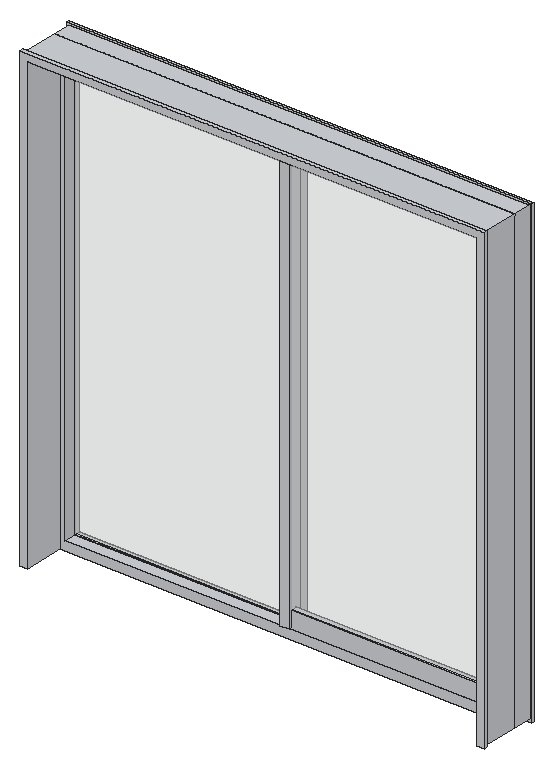
Revit family "APL Residential Thermal Heart Sliding Door SF", category Doors, host Wall, Revit 2017 (continued)
Definition of nested family "APL Residential Thermal Heart Sliding Door SF Horizontal Section"
  Definition of nested family "Jamb Stile"
    Definition of nested family "65400_Frame Head"
      Lines and regions (mm)
        detail lines, in view "Ref. Level"
          curve 322: arc (84.479, -6.5, 0) -> (84.398, -6.489, 0) -> (84.323, -6.456, 0) r 0.3
          curve 323: arc (83.069, -5.691, 0) -> (83.063, -5.498, 0) -> (82.92, -5.367, 0) r 0.25
          curve 324: arc (82.92, -5.367, 0) -> (82.65, -5.321, 0) -> (82.5, -5.55, 0) r 0.25
          curve 325: arc (82.5, -7.126, 0) -> (82.582, -7.523, 0) -> (82.815, -7.854, 0) r 1
          curve 326: arc (82.815, -7.854, 0) -> (82.878, -8, 0) -> (82.815, -8.146, 0) r 0.2
          curve 327: arc (82.815, -8.146, 0) -> (82.582, -8.477, 0) -> (82.5, -8.874, 0) r 1
          curve 328: arc (82.5, -10.45, 0) -> (82.628, -10.668, 0) -> (82.88, -10.663, 0) r 0.25
          curve 329: arc (82.966, -10.611, 0) -> (83.072, -10.479, 0) -> (83.069, -10.309, 0) r 0.25
          curve 330: arc (84.323, -9.544, 0) -> (84.398, -9.511, 0) -> (84.479, -9.5, 0) r 0.3
          curve 331: arc (85, -9.5, 0) -> (85.158, -9.577, 0) -> (85.194, -9.75, 0) r 0.2
          curve 332: arc (85, -13.753, 0) -> (85.026, -13.875, 0) -> (85.1, -13.976, 0) r 0.3
          curve 333: arc (85.1, -13.976, 0) -> (85.164, -14.343, 0) -> (84.822, -14.49, 0) r 0.3
          curve 334: arc (82.679, -13.957, 0) -> (82.59, -13.905, 0) -> (82.538, -13.816, 0) r 0.2
          curve 335: arc (82.493, -13.648, 0) -> (82.352, -13.507, 0) -> (82.159, -13.559, 0) r 0.2
          curve 336: arc (81.795, -13.922, 0) -> (81.735, -14.008, 0) -> (81.708, -14.108, 0) r 0.3
          curve 337: arc (81.501, -16.474, 0) -> (81.617, -16.738, 0) -> (81.903, -16.782, 0) r 0.3
          curve 338: arc (83.313, -16.268, 0) -> (83.439, -16.181, 0) -> (83.505, -16.043, 0) r 0.3
          curve 339: arc (83.505, -16.043, 0) -> (83.778, -15.801, 0) -> (84.083, -16, 0) r 0.3
          curve 340: arc (86.7, -16, 0) -> (86.841, -15.941, 0) -> (86.9, -15.8, 0) r 0.2
          curve 341: arc (86.9, -12.7, 0) -> (86.959, -12.559, 0) -> (87.1, -12.5, 0) r 0.2
          curve 342: arc (89.2, -12.5, 0) -> (89.341, -12.559, 0) -> (89.4, -12.7, 0) r 0.2
          curve 343: arc (89.4, -13.8, 0) -> (89.459, -13.941, 0) -> (89.6, -14, 0) r 0.2
          curve 344: arc (101.9, -14, 0) -> (102.042, -13.941, 0) -> (102.1, -13.8, 0) r 0.2
          curve 345: arc (102.1, -12.9, 0) -> (102.159, -12.759, 0) -> (102.3, -12.7, 0) r 0.2
          curve 346: arc (109.1, -12.7, 0) -> (109.454, -12.846, 0) -> (109.6, -13.2, 0) r 0.5
          curve 347: arc (109.6, -14.5, 0) -> (109.541, -14.641, 0) -> (109.4, -14.7, 0) r 0.2
          curve 348: arc (107.3, -14.7, 0) -> (107.159, -14.759, 0) -> (107.1, -14.9, 0) r 0.2
          curve 349: arc (107.1, -15.8, 0) -> (107.159, -15.941, 0) -> (107.3, -16, 0) r 0.2
          curve 350: arc (109.5, -16, 0) -> (109.854, -16.146, 0) -> (110, -16.5, 0) r 0.5
          curve 351: arc (110, -22.8, 0) -> (110.146, -23.154, 0) -> (110.5, -23.3, 0) r 0.5
          curve 352: arc (111.3, -23.3, 0) -> (111.441, -23.241, 0) -> (111.5, -23.1, 0) r 0.2
          curve 353: arc (113.3, -22.3, 0) -> (113.441, -22.359, 0) -> (113.5, -22.5, 0) r 0.2
          curve 354: arc (113.5, -27.4, 0) -> (113.1, -27.8, 0) -> (113.5, -28.2, 0) r 0.4
          curve 355: arc (113.5, -33.1, 0) -> (113.441, -33.241, 0) -> (113.3, -33.3, 0) r 0.2
          curve 356: arc (111.5, -32.7, 0) -> (111.383, -32.417, 0) -> (111.1, -32.3, 0) r 0.4
          curve 357: arc (111, -32.3, 0) -> (110.646, -32.447, 0) -> (110.5, -32.8, 0) r 0.5
          curve 358: arc (110.5, -35.35, 0) -> (111, -35.85, 0) -> (111.5, -35.35, 0) r 0.5
          curve 359: arc (111.5, -34.5, 0) -> (111.559, -34.359, 0) -> (111.7, -34.3, 0) r 0.2
          curve 360: arc (113.3, -34.3, 0) -> (113.441, -34.359, 0) -> (113.5, -34.5, 0) r 0.2
          curve 361: line (113.3, -36.05, 0) -> (113.3, -40.25, 0)
          curve 362: line (113.5, -40.596, 0) -> (113.5, -41.8, 0)
          curve 363: line (113.3, -42, 0) -> (111.701, -42, 0)
          curve 364: line (111.5, -41.8, 0) -> (111.5, -40.95, 0)
          curve 365: line (110.5, -40.95, 0) -> (110.5, -42.5, 0)
          curve 366: line (111, -43, 0) -> (114.5, -43, 0)
          curve 367: line (115, -42.5, 0) -> (115, -21.5, 0)
          curve 368: line (114.5, -21, 0) -> (111.7, -21, 0)
          curve 369: line (111.5, -20.8, 0) -> (111.5, -13.199, 0)
          curve 370: line (109.293, -7.1, 0) -> (109.5, -7.1, 0)
          curve 371: line (111.5, -5.1, 0) -> (111.5, -1.5, 0)
          curve 372: line (111.5, -1.5, 0) -> (120.75, -1.5, 0)
          curve 373: line (120.745, 0, 0) -> (119, 0, 0)
          curve 374: line (119, 0, 0) -> (118.6, -0.4, 0)
          curve 375: line (118.6, -0.4, 0) -> (112.3, -0.4, 0)
          curve 376: line (112.3, -0.4, 0) -> (111.9, 0, 0)
          curve 377: line (111.9, 0, 0) -> (111.5, 0, 0)
          curve 378: line (110, -1.5, 0) -> (110, -5, 0)
          curve 379: line (109.8, -5.2, 0) -> (100.5, -5.2, 0)
          curve 380: line (100, -5.7, 0) -> (100, -6.2, 0)
          curve 381: line (100.5, -6.7, 0) -> (101.927, -6.7, 0)
          curve 382: line (100.048, -12.1, 0) -> (91.556, -12.1, 0)
          curve 383: line (89.2, -10.6, 0) -> (87.9, -10.6, 0)
          curve 384: line (86.9, -9.6, 0) -> (86.9, -0.5, 0)
          curve 385: line (86.4, 0, 0) -> (84.083, 0, 0)
          curve 386: line (83.313, 0.268, 0) -> (81.903, 0.782, 0)
          curve 387: line (81.501, 0.474, 0) -> (81.708, -1.892, 0)
          curve 388: line (81.795, -2.078, 0) -> (82.159, -2.441, 0)
          curve 389: line (82.493, -2.352, 0) -> (82.538, -2.184, 0)
          curve 390: line (82.679, -2.043, 0) -> (84.812, -1.472, 0)
          curve 391: line (85, -2.247, 0) -> (85, -5.475, 0)
          curve 392: line (85, -5.5, 0) -> (85.194, -6.25, 0)
          curve 393: line (85, -6.5, 0) -> (84.479, -6.5, 0)
          curve 394: line (84.323, -6.456, 0) -> (83.069, -5.691, 0)
          curve 395: line (82.5, -5.55, 0) -> (82.5, -7.126, 0)
          curve 396: line (82.5, -8.874, 0) -> (82.5, -10.45, 0)
          curve 397: line (83.069, -10.309, 0) -> (84.323, -9.544, 0)
          curve 398: line (84.479, -9.5, 0) -> (85, -9.5, 0)
          curve 399: line (85.194, -9.75, 0) -> (85, -10.5, 0)
          curve 400: line (85, -10.525, 0) -> (85, -13.752, 0)
          curve 401: line (84.812, -14.528, 0) -> (82.679, -13.957, 0)
          curve 402: line (82.538, -13.816, 0) -> (82.493, -13.648, 0)
          curve 403: line (82.159, -13.559, 0) -> (81.795, -13.922, 0)
          curve 404: line (81.708, -14.108, 0) -> (81.501, -16.474, 0)
          curve 405: line (81.903, -16.782, 0) -> (83.313, -16.268, 0)
          curve 406: line (84.083, -16, 0) -> (86.7, -16, 0)
          curve 407: line (86.9, -15.8, 0) -> (86.9, -12.7, 0)
          curve 408: line (87.1, -12.5, 0) -> (89.2, -12.5, 0)
          curve 409: line (89.4, -12.7, 0) -> (89.4, -13.8, 0)
          curve 410: line (89.6, -14, 0) -> (95.4, -14, 0)
          curve 411: line (95.4, -14, 0) -> (95.8, -13.6, 0)
          curve 412: line (95.8, -13.6, 0) -> (96.2, -14, 0)
          curve 413: line (96.2, -14, 0) -> (101.9, -14, 0)
          curve 414: line (102.1, -13.8, 0) -> (102.1, -12.9, 0)
          curve 415: line (102.3, -12.7, 0) -> (109.1, -12.7, 0)
          curve 416: line (109.6, -13.2, 0) -> (109.6, -14.5, 0)
          curve 417: line (109.4, -14.7, 0) -> (107.3, -14.7, 0)
          curve 418: line (107.1, -14.9, 0) -> (107.1, -15.8, 0)
          curve 419: line (107.3, -16, 0) -> (109.5, -16, 0)
          curve 420: line (110, -16.5, 0) -> (110, -22.8, 0)
          curve 421: line (110.5, -23.3, 0) -> (111.3, -23.3, 0)
          curve 422: line (111.5, -23.1, 0) -> (111.5, -22.3, 0)
          curve 423: line (111.5, -22.3, 0) -> (113.3, -22.3, 0)
          curve 424: line (113.5, -22.5, 0) -> (113.5, -27.4, 0)
          curve 425: line (113.5, -28.2, 0) -> (113.5, -33.1, 0)
          curve 426: line (113.3, -33.3, 0) -> (111.5, -33.3, 0)
          curve 427: line (111.5, -33.3, 0) -> (111.5, -32.7, 0)
          curve 428: line (110.5, -32.8, 0) -> (110.5, -35.35, 0)
          curve 429: line (111.5, -35.35, 0) -> (111.5, -34.5, 0)
          curve 430: line (111.7, -34.3, 0) -> (113.3, -34.3, 0)
          curve 431: line (113.5, -34.5, 0) -> (113.5, -35.704, 0)
          curve 432: arc (113.5, -35.704, 0) -> (113.473, -35.804, 0) -> (113.4, -35.877, 0) r 0.2
          curve 433: arc (12.7, -18.4, 0) -> (12.817, -18.117, 0) -> (13.1, -18, 0) r 0.4
          curve 434: arc (13.393, -18, 0) -> (13.496, -18.014, 0) -> (13.593, -18.054, 0) r 0.4
          curve 435: arc (15.121, -18.939, 0) -> (15.411, -19.059, 0) -> (15.722, -19.1, 0) r 1.2
          curve 436: arc (16.645, -19.1, 0) -> (17.218, -19.281, 0) -> (17.584, -19.758, 0) r 1
          curve 437: arc (18.377, -21.937, 0) -> (18.524, -22.128, 0) -> (18.753, -22.2, 0) r 0.4
          curve 438: arc (21.447, -22.2, 0) -> (21.676, -22.128, 0) -> (21.823, -21.937, 0) r 0.4
          curve 439: arc (22.616, -19.758, 0) -> (22.982, -19.281, 0) -> (23.555, -19.1, 0) r 1
          curve 440: arc (24.478, -19.1, 0) -> (24.789, -19.059, 0) -> (25.079, -18.939, 0) r 1.2
          curve 441: arc (26.607, -18.054, 0) -> (26.704, -18.014, 0) -> (26.807, -18, 0) r 0.4
          curve 442: arc (27.1, -18, 0) -> (27.383, -18.117, 0) -> (27.5, -18.4, 0) r 0.4
          curve 443: arc (27.5, -21.8, 0) -> (27.383, -22.083, 0) -> (27.1, -22.2, 0) r 0.4
          curve 444: arc (26.807, -22.2, 0) -> (26.704, -22.186, 0) -> (26.607, -22.146, 0) r 0.4
          curve 445: arc (25.079, -21.261, 0) -> (24.785, -21.14, 0) -> (24.47, -21.1, 0) r 1.2
          curve 446: arc (24.47, -21.1, 0) -> (24.295, -21.153, 0) -> (24.184, -21.297, 0) r 0.3
          curve 447: arc (23.296, -23.737, 0) -> (23.149, -23.928, 0) -> (22.92, -24, 0) r 0.4
          curve 448: arc (17.28, -24, 0) -> (17.051, -23.928, 0) -> (16.904, -23.737, 0) r 0.4
          curve 449: arc (16.016, -21.297, 0) -> (15.905, -21.153, 0) -> (15.73, -21.1, 0) r 0.3
          curve 450: arc (15.73, -21.1, 0) -> (15.415, -21.14, 0) -> (15.121, -21.261, 0) r 1.2
          curve 451: arc (13.593, -22.146, 0) -> (13.496, -22.186, 0) -> (13.393, -22.2, 0) r 0.4
          curve 452: arc (13.1, -22.2, 0) -> (12.817, -22.083, 0) -> (12.7, -21.8, 0) r 0.4
          curve 453: line (13.1, -18, 0) -> (13.393, -18, 0)
          curve 454: line (13.593, -18.054, 0) -> (15.121, -18.939, 0)
          curve 455: line (15.722, -19.1, 0) -> (16.645, -19.1, 0)
          curve 456: line (17.584, -19.758, 0) -> (18.377, -21.937, 0)
          curve 457: line (18.753, -22.2, 0) -> (21.447, -22.2, 0)
          curve 458: line (21.823, -21.937, 0) -> (22.616, -19.758, 0)
          curve 459: line (23.555, -19.1, 0) -> (24.478, -19.1, 0)
          curve 460: line (25.079, -18.939, 0) -> (26.607, -18.054, 0)
          curve 461: line (26.807, -18, 0) -> (27.1, -18, 0)
          curve 462: line (27.5, -18.4, 0) -> (27.5, -21.8, 0)
          curve 463: line (27.1, -22.2, 0) -> (26.807, -22.2, 0)
          curve 464: line (26.607, -22.146, 0) -> (25.079, -21.261, 0)
          curve 465: line (24.184, -21.297, 0) -> (23.296, -23.737, 0)
          curve 466: line (22.92, -24, 0) -> (17.28, -24, 0)
          curve 467: line (16.904, -23.737, 0) -> (16.016, -21.297, 0)
          curve 468: line (15.121, -21.261, 0) -> (13.593, -22.146, 0)
          curve 469: line (13.393, -22.2, 0) -> (13.1, -22.2, 0)
          curve 470: line (12.7, -21.8, 0) -> (12.7, -18.4, 0)
          curve 471: arc (12.7, -2.2, 0) -> (12.817, -1.917, 0) -> (13.1, -1.8, 0) r 0.4
          curve 472: arc (13.393, -1.8, 0) -> (13.496, -1.814, 0) -> (13.593, -1.854, 0) r 0.4
          curve 473: arc (15.121, -2.739, 0) -> (15.411, -2.859, 0) -> (15.722, -2.9, 0) r 1.2
          curve 474: arc (16.645, -2.9, 0) -> (17.218, -3.081, 0) -> (17.584, -3.558, 0) r 1
          curve 475: arc (18.377, -5.737, 0) -> (18.524, -5.928, 0) -> (18.753, -6, 0) r 0.4
          curve 476: arc (21.447, -6, 0) -> (21.676, -5.928, 0) -> (21.823, -5.737, 0) r 0.4
          curve 477: arc (22.616, -3.558, 0) -> (22.982, -3.081, 0) -> (23.555, -2.9, 0) r 1
          curve 478: arc (24.478, -2.9, 0) -> (24.789, -2.859, 0) -> (25.079, -2.739, 0) r 1.2
          curve 479: arc (26.607, -1.854, 0) -> (26.704, -1.814, 0) -> (26.807, -1.8, 0) r 0.4
          curve 480: arc (27.1, -1.8, 0) -> (27.383, -1.917, 0) -> (27.5, -2.2, 0) r 0.4
          curve 481: arc (27.5, -5.6, 0) -> (27.383, -5.883, 0) -> (27.1, -6, 0) r 0.4
          curve 482: arc (26.807, -6, 0) -> (26.704, -5.986, 0) -> (26.607, -5.946, 0) r 0.4
          curve 483: arc (25.079, -5.061, 0) -> (24.785, -4.94, 0) -> (24.47, -4.9, 0) r 1.2
          curve 484: arc (24.47, -4.9, 0) -> (24.295, -4.953, 0) -> (24.184, -5.097, 0) r 0.3
          curve 485: arc (23.296, -7.537, 0) -> (23.149, -7.728, 0) -> (22.92, -7.8, 0) r 0.4
          curve 486: arc (17.28, -7.8, 0) -> (17.051, -7.728, 0) -> (16.904, -7.537, 0) r 0.4
          curve 487: arc (16.016, -5.097, 0) -> (15.905, -4.953, 0) -> (15.73, -4.9, 0) r 0.3
          curve 488: arc (15.73, -4.9, 0) -> (15.415, -4.94, 0) -> (15.121, -5.061, 0) r 1.2
          curve 489: arc (13.593, -5.946, 0) -> (13.496, -5.986, 0) -> (13.393, -6, 0) r 0.4
          curve 490: arc (13.1, -6, 0) -> (12.817, -5.883, 0) -> (12.7, -5.6, 0) r 0.4
          curve 491: line (13.1, -1.8, 0) -> (13.393, -1.8, 0)
          curve 492: line (13.593, -1.854, 0) -> (15.121, -2.739, 0)
          curve 493: line (15.722, -2.9, 0) -> (16.645, -2.9, 0)
          curve 494: line (17.584, -3.558, 0) -> (18.377, -5.737, 0)
          curve 495: line (18.753, -6, 0) -> (21.447, -6, 0)
          curve 496: line (21.823, -5.737, 0) -> (22.616, -3.558, 0)
          curve 497: line (23.555, -2.9, 0) -> (24.478, -2.9, 0)
          curve 498: line (25.079, -2.739, 0) -> (26.607, -1.854, 0)
          curve 499: line (26.807, -1.8, 0) -> (27.1, -1.8, 0)
          curve 500: line (27.5, -2.2, 0) -> (27.5, -5.6, 0)
          curve 501: line (27.1, -6, 0) -> (26.807, -6, 0)
          curve 502: line (26.607, -5.946, 0) -> (25.079, -5.061, 0)
          curve 503: line (24.184, -5.097, 0) -> (23.296, -7.537, 0)
          curve 504: line (22.92, -7.8, 0) -> (17.28, -7.8, 0)
          curve 505: line (16.904, -7.537, 0) -> (16.016, -5.097, 0)
          curve 506: line (15.121, -5.061, 0) -> (13.593, -5.946, 0)
          curve 507: line (13.393, -6, 0) -> (13.1, -6, 0)
          curve 508: line (12.7, -5.6, 0) -> (12.7, -2.2, 0)
          curve 509: arc (10.8, -6.498, 0) -> (11.356, -7.843, 0) -> (12.7, -8.4, 0) r 1.9
          curve 510: arc (13.1, -8.4, 0) -> (13.241, -8.459, 0) -> (13.3, -8.6, 0) r 0.2
          curve 511: arc (13.3, -15.4, 0) -> (13.241, -15.541, 0) -> (13.1, -15.6, 0) r 0.2
          curve 512: arc (11, -15.6, 0) -> (10.859, -15.659, 0) -> (10.8, -15.8, 0) r 0.2
          curve 513: arc (10.8, -16.283, 0) -> (10.741, -16.425, 0) -> (10.6, -16.483, 0) r 0.2
          curve 514: arc (1.9, -16.483, 0) -> (1.546, -16.337, 0) -> (1.4, -15.983, 0) r 0.5
          curve 515: arc (1.4, -2.245, 0) -> (1.521, -1.631, 0) -> (1.869, -1.111, 0) r 1.6
          curve 516: arc (6.387, 3.407, 0) -> (6.711, 3.624, 0) -> (7.094, 3.7, 0) r 1
          curve 517: arc (9.8, 3.7, 0) -> (10.507, 3.407, 0) -> (10.8, 2.7, 0) r 1
          curve 518: arc (1.665, -23.621, 0) -> (1.729, -23.522, 0) -> (1.725, -23.403, 0) r 0.2
          curve 519: arc (1.725, -23.403, 0) -> (1.621, -23.234, 0) -> (1.453, -23.127, 0) r 0.45
          curve 520: arc (1.453, -23.127, 0) -> (1.357, -23.052, 0) -> (1.322, -22.936, 0) r 0.2
          curve 521: arc (1.379, -18.081, 0) -> (1.438, -17.941, 0) -> (1.579, -17.883, 0) r 0.2
          curve 522: arc (10.6, -17.883, 0) -> (10.741, -17.942, 0) -> (10.8, -18.083, 0) r 0.2
          curve 523: arc (10.8, -22.172, 0) -> (10.773, -22.272, 0) -> (10.7, -22.345, 0) r 0.2
          curve 524: arc (9.6, -22.98, 0) -> (9.38, -23.2, 0) -> (9.3, -23.5, 0) r 0.6
          curve 525: arc (9.3, -23.8, 0) -> (9.359, -23.941, 0) -> (9.5, -24, 0) r 0.2
          curve 526: arc (13.617, -24, 0) -> (13.922, -23.801, 0) -> (14.195, -24.043, 0) r 0.3
          curve 527: arc (14.195, -24.043, 0) -> (14.261, -24.181, 0) -> (14.387, -24.268, 0) r 0.3
          curve 528: arc (15.797, -24.782, 0) -> (16.083, -24.738, 0) -> (16.199, -24.474, 0) r 0.3
          curve 529: arc (15.992, -22.108, 0) -> (15.965, -22.008, 0) -> (15.905, -21.922, 0) r 0.3
          curve 530: arc (15.541, -21.559, 0) -> (15.348, -21.507, 0) -> (15.207, -21.648, 0) r 0.2
          curve 531: arc (15.162, -21.816, 0) -> (15.11, -21.905, 0) -> (15.021, -21.957, 0) r 0.2
          curve 532: arc (12.878, -22.49, 0) -> (12.536, -22.343, 0) -> (12.6, -21.976, 0) r 0.3
          curve 533: arc (12.6, -21.976, 0) -> (12.674, -21.875, 0) -> (12.7, -21.753, 0) r 0.3
          curve 534: arc (12.506, -17.75, 0) -> (12.542, -17.578, 0) -> (12.7, -17.5, 0) r 0.2
          curve 535: arc (13.221, -17.5, 0) -> (13.302, -17.511, 0) -> (13.377, -17.544, 0) r 0.3
          curve 536: arc (14.631, -18.309, 0) -> (14.637, -18.502, 0) -> (14.78, -18.633, 0) r 0.25
          curve 537: arc (14.78, -18.633, 0) -> (15.05, -18.679, 0) -> (15.2, -18.45, 0) r 0.25
          curve 538: arc (15.2, -8.599, 0) -> (15.259, -8.458, 0) -> (15.4, -8.4, 0) r 0.2
          curve 539: arc (16.479, -8.4, 0) -> (16.643, -8.315, 0) -> (16.667, -8.132, 0) r 0.2
          curve 540: arc (15.775, -5.682, 0) -> (15.702, -5.586, 0) -> (15.587, -5.55, 0) r 0.2
          curve 541: arc (15.353, -5.55, 0) -> (15.248, -5.52, 0) -> (15.174, -5.439, 0) r 0.2
          curve 542: arc (15.174, -5.439, 0) -> (14.995, -5.304, 0) -> (14.78, -5.367, 0) r 0.25
          curve 543: arc (14.78, -5.367, 0) -> (14.637, -5.498, 0) -> (14.631, -5.691, 0) r 0.25
          curve 544: arc (13.377, -6.456, 0) -> (13.302, -6.489, 0) -> (13.221, -6.5, 0) r 0.3
          curve 545: arc (12.7, -6.5, 0) -> (12.542, -6.422, 0) -> (12.506, -6.25, 0) r 0.2
          curve 546: arc (12.7, -2.247, 0) -> (12.674, -2.125, 0) -> (12.6, -2.024, 0) r 0.3
          curve 547: arc (12.6, -2.024, 0) -> (12.536, -1.657, 0) -> (12.878, -1.51, 0) r 0.3
          curve 548: arc (15.021, -2.043, 0) -> (15.11, -2.095, 0) -> (15.162, -2.184, 0) r 0.2
          curve 549: arc (15.207, -2.352, 0) -> (15.348, -2.493, 0) -> (15.541, -2.441, 0) r 0.2
          curve 550: arc (15.905, -2.078, 0) -> (15.965, -1.992, 0) -> (15.992, -1.892, 0) r 0.3
          curve 551: arc (16.199, 0.474, 0) -> (16.083, 0.738, 0) -> (15.797, 0.782, 0) r 0.3
          curve 552: arc (14.387, 0.268, 0) -> (14.261, 0.181, 0) -> (14.195, 0.043, 0) r 0.3
          curve 553: arc (14.195, 0.043, 0) -> (13.922, -0.199, 0) -> (13.617, 0, 0) r 0.3
          curve 554: arc (12.6, 0, 0) -> (12.459, 0.059, 0) -> (12.4, 0.2, 0) r 0.2
          curve 555: arc (12.4, 2.696, 0) -> (11.64, 4.537, 0) -> (9.8, 5.3, 0) r 2.6
          curve 556: arc (7.9, 5.3, 0) -> (7.547, 5.446, 0) -> (7.4, 5.8, 0) r 0.5
          curve 557: arc (7.4, 13.402, 0) -> (7.508, 13.581, 0) -> (7.716, 13.566, 0) r 0.2
          curve 558: arc (7.716, 13.566, 0) -> (8.721, 13.692, 0) -> (8.684, 14.705, 0) r 0.75
          curve 559: arc (8.684, 14.705, 0) -> (8.15, 16.005, 0) -> (8.684, 17.305, 0) r 1.85
          curve 560: arc (8.684, 17.305, 0) -> (8.794, 17.447, 0) -> (8.867, 17.612, 0) r 0.75
          curve 561: arc (8.867, 17.612, 0) -> (8.97, 17.796, 0) -> (9.14, 17.921, 0) r 0.5
          curve 562: arc (9.14, 17.921, 0) -> (10, 18.105, 0) -> (10.86, 17.921, 0) r 2.1
          curve 563: arc (10.86, 17.921, 0) -> (11.03, 17.796, 0) -> (11.133, 17.612, 0) r 0.5
          curve 564: arc (11.133, 17.612, 0) -> (11.206, 17.447, 0) -> (11.316, 17.305, 0) r 0.75
          curve 565: arc (11.316, 17.305, 0) -> (11.85, 16.005, 0) -> (11.316, 14.705, 0) r 1.85
          curve 566: arc (11.316, 14.705, 0) -> (11.323, 13.644, 0) -> (12.384, 13.651, 0) r 0.75
          curve 567: arc (12.384, 13.651, 0) -> (13.348, 15.881, 0) -> (12.551, 18.176, 0) r 3.35
          curve 568: arc (12.551, 18.176, 0) -> (12.478, 18.71, 0) -> (12.932, 19, 0) r 0.5
          curve 569: arc (13.15, 19, 0) -> (13.291, 19.059, 0) -> (13.35, 19.2, 0) r 0.2
          curve 570: arc (13.35, 19.5, 0) -> (13.204, 19.854, 0) -> (12.85, 20, 0) r 0.5
          curve 571: arc (7, 20, 0) -> (6.293, 19.707, 0) -> (6, 19, 0) r 1
          curve 572: arc (6, 6.243, 0) -> (5.772, 5.095, 0) -> (5.121, 4.121, 0) r 3
          curve 573: arc (0.879, -0.121, 0) -> (0.228, -1.095, 0) -> (0, -2.243, 0) r 3
          curve 574: arc (0, -23.8, 0) -> (0.059, -23.941, 0) -> (0.2, -24, 0) r 0.2
          curve 575: line (10.8, 2.7, 0) -> (10.8, -6.498, 0)
          curve 576: line (12.7, -8.4, 0) -> (13.1, -8.4, 0)
          curve 577: line (13.3, -8.6, 0) -> (13.3, -15.4, 0)
          curve 578: line (13.1, -15.6, 0) -> (11, -15.6, 0)
          curve 579: line (10.8, -15.8, 0) -> (10.8, -16.283, 0)
          curve 580: line (10.6, -16.483, 0) -> (1.9, -16.483, 0)
          curve 581: line (1.4, -15.983, 0) -> (1.4, -2.245, 0)
          curve 582: line (1.869, -1.111, 0) -> (6.387, 3.407, 0)
          curve 583: line (7.094, 3.7, 0) -> (9.8, 3.7, 0)
          curve 584: line (1.322, -22.936, 0) -> (1.379, -18.081, 0)
          curve 585: line (1.579, -17.883, 0) -> (10.6, -17.883, 0)
          curve 586: line (10.8, -18.083, 0) -> (10.8, -22.172, 0)
          curve 587: line (10.7, -22.345, 0) -> (9.6, -22.98, 0)
          curve 588: line (9.3, -23.5, 0) -> (9.3, -23.8, 0)
          curve 589: line (9.5, -24, 0) -> (13.617, -24, 0)
          curve 590: line (14.387, -24.268, 0) -> (15.797, -24.782, 0)
          curve 591: line (16.199, -24.474, 0) -> (15.992, -22.108, 0)
          curve 592: line (15.905, -21.922, 0) -> (15.541, -21.559, 0)
          curve 593: line (15.207, -21.648, 0) -> (15.162, -21.816, 0)
          curve 594: line (15.021, -21.957, 0) -> (12.888, -22.528, 0)
          curve 595: line (12.7, -21.753, 0) -> (12.7, -18.525, 0)
          curve 596: line (12.7, -18.5, 0) -> (12.506, -17.75, 0)
          curve 597: line (12.7, -17.5, 0) -> (13.221, -17.5, 0)
          curve 598: line (13.377, -17.544, 0) -> (14.631, -18.309, 0)
          curve 599: line (15.2, -18.45, 0) -> (15.2, -16.874, 0)
          curve 600: line (15.2, -16.874, 0) -> (15.2, -8.599, 0)
          curve 601: line (15.4, -8.4, 0) -> (16.479, -8.4, 0)
          curve 602: line (16.667, -8.132, 0) -> (15.775, -5.682, 0)
          curve 603: line (15.587, -5.55, 0) -> (15.353, -5.55, 0)
          curve 604: line (14.631, -5.691, 0) -> (13.377, -6.456, 0)
          curve 605: line (13.221, -6.5, 0) -> (12.7, -6.5, 0)
          curve 606: line (12.506, -6.25, 0) -> (12.7, -5.5, 0)
          curve 607: line (12.7, -5.475, 0) -> (12.7, -2.247, 0)
          curve 608: line (12.888, -1.472, 0) -> (15.021, -2.043, 0)
          curve 609: line (15.162, -2.184, 0) -> (15.207, -2.352, 0)
          curve 610: line (15.541, -2.441, 0) -> (15.905, -2.078, 0)
          curve 611: line (15.992, -1.892, 0) -> (16.199, 0.474, 0)
          curve 612: line (15.797, 0.782, 0) -> (14.387, 0.268, 0)
          curve 613: line (13.617, 0, 0) -> (12.6, 0, 0)
          curve 614: line (12.4, 0.2, 0) -> (12.4, 2.696, 0)
          curve 615: line (9.8, 5.3, 0) -> (7.9, 5.3, 0)
          curve 616: line (7.4, 5.8, 0) -> (7.4, 13.402, 0)
          curve 617: line (12.932, 19, 0) -> (13.15, 19, 0)
          curve 618: line (13.35, 19.2, 0) -> (13.35, 19.5, 0)
          curve 619: line (12.85, 20, 0) -> (7, 20, 0)
          curve 620: line (6, 19, 0) -> (6, 6.243, 0)
          curve 621: line (5.121, 4.121, 0) -> (0.879, -0.121, 0)
          curve 622: line (0, -2.243, 0) -> (0, -23.8, 0)
          curve 623: line (0.2, -24, 0) -> (1.214, -24, 0)
          curve 624: line (1.214, -24, 0) -> (1.665, -23.621, 0)
          curve 625: line (106.85, -41.439, 0) -> (112.6, -39.899, 0)
          curve 626: line (111.139, -40.29, 0) -> (106.85, -40.29, 0)
          curve 627: line (112.6, -39.45, 0) -> (106.85, -39.45, 0)
          curve 628: line (112.6, -38.61, 0) -> (106.85, -38.61, 0)
          curve 629: line (112.6, -37.69, 0) -> (106.85, -37.69, 0)
          curve 630: line (112.6, -36.85, 0) -> (106.85, -36.85, 0)
          curve 631: line (111.139, -36.01, 0) -> (106.85, -36.01, 0)
          curve 632: line (112.6, -36.401, 0) -> (106.85, -34.861, 0)
          curve 633: line (112.85, -41.6, 0) -> (112.85, -34.7, 0)
          curve 634: line (112.6, -34.7, 0) -> (112.6, -41.6, 0)
          curve 635: line (112.6, -41.6, 0) -> (113.1, -41.6, 0)
          curve 636: line (113.1, -41.6, 0) -> (113.1, -34.7, 0)
          curve 637: line (113.1, -34.7, 0) -> (112.6, -34.7, 0)
          curve 651: line (74.15, -41.439, 0) -> (68.4, -39.899, 0)
          curve 652: line (69.861, -40.29, 0) -> (74.15, -40.29, 0)
          curve 653: line (68.4, -39.45, 0) -> (74.15, -39.45, 0)
          curve 654: line (68.4, -38.61, 0) -> (74.15, -38.61, 0)
          curve 655: line (68.4, -37.69, 0) -> (74.15, -37.69, 0)
          curve 656: line (68.4, -36.85, 0) -> (74.15, -36.85, 0)
          curve 657: line (69.861, -36.01, 0) -> (74.15, -36.01, 0)
          curve 658: line (68.4, -36.401, 0) -> (74.15, -34.861, 0)
          curve 659: line (68.15, -41.6, 0) -> (68.15, -34.7, 0)
          curve 660: line (68.4, -34.7, 0) -> (68.4, -41.6, 0)
          curve 661: line (68.4, -41.6, 0) -> (67.9, -41.6, 0)
          curve 662: line (67.9, -41.6, 0) -> (67.9, -34.7, 0)
          curve 663: line (67.9, -34.7, 0) -> (68.4, -34.7, 0)
        detail lines, in view "Ref. Level", not visible
          curve 638: line (101.764, -41.439, 0) -> (107.514, -39.899, 0)
          curve 639: line (106.053, -40.29, 0) -> (101.764, -40.29, 0)
          curve 640: line (107.514, -39.45, 0) -> (101.764, -39.45, 0)
          curve 641: line (107.514, -38.61, 0) -> (101.764, -38.61, 0)
          curve 642: line (107.514, -37.69, 0) -> (101.764, -37.69, 0)
          curve 643: line (107.514, -36.85, 0) -> (101.764, -36.85, 0)
          curve 644: line (106.053, -36.01, 0) -> (101.764, -36.01, 0)
          curve 645: line (107.514, -36.401, 0) -> (101.764, -34.861, 0)
          curve 646: line (107.764, -41.6, 0) -> (107.764, -34.7, 0)
          curve 647: line (107.514, -34.7, 0) -> (107.514, -41.6, 0)
          curve 648: line (107.514, -41.6, 0) -> (108.014, -41.6, 0)
          curve 649: line (108.014, -41.6, 0) -> (108.014, -34.7, 0)
          curve 650: line (108.014, -34.7, 0) -> (107.514, -34.7, 0)
      Text (mm)
        text "65400" at (41.516, 17.579, 0), in view "Ref. Level"
    Definition of nested family "65575_Threshold"
      Reference planes
        plane 1 "Center (Front/Back)": y = 0
        plane 2: z = 0
        plane 3 "Center (Left/Right)": x = 0
      Lines and regions (mm)
        detail lines, in view "Ref. Level"
          curve 1: arc (0.123, 1.385, 0) -> (0.034, 1.312, 0) -> (0, 1.2, 0) r 0.2
          curve 2: arc (0, 0.2, 0) -> (0.059, 0.059, 0) -> (0.2, 0, 0) r 0.2
          curve 3: arc (1.987, -0.473, 0) -> (2.044, -0.588, 0) -> (2.019, -0.715, 0) r 0.2
          curve 4: arc (1.788, -1.112, 0) -> (1.916, -1.591, 0) -> (2.394, -1.463, 0) r 0.35
          curve 5: arc (2.779, -0.797, 0) -> (2.842, -0.484, 0) -> (2.701, -0.197, 0) r 0.497
          curve 6: arc (2.033, 0.47, 0) -> (1.979, 0.65, 0) -> (2.098, 0.796, 0) r 0.2
          curve 7: arc (41.094, 16.949, 0) -> (41.282, 16.93, 0) -> (41.37, 16.764, 0) r 0.2
          curve 8: arc (41.37, 12.481, 0) -> (41.586, 11.578, 0) -> (42.188, 10.869, 0) r 2
          curve 9: arc (42.188, 10.869, 0) -> (43.515, 8.691, 0) -> (42.924, 6.21, 0) r 3.35
          curve 10: arc (42.924, 6.21, 0) -> (43.038, 5.512, 0) -> (43.736, 5.625, 0) r 0.5
          curve 11: arc (43.736, 5.625, 0) -> (44.503, 8.847, 0) -> (42.779, 11.675, 0) r 4.35
          curve 12: arc (42.779, 11.675, 0) -> (42.478, 12.03, 0) -> (42.37, 12.481, 0) r 1
          curve 13: arc (42.37, 18.585, 0) -> (42.282, 18.751, 0) -> (42.094, 18.77, 0) r 0.2
          curve 14: line (0, 1.2, 0) -> (0, 0.2, 0)
          curve 15: line (0.2, 0, 0) -> (1.431, 0, 0)
          curve 16: line (1.573, -0.059, 0) -> (1.987, -0.473, 0)
          curve 17: line (2.019, -0.715, 0) -> (1.788, -1.112, 0)
          curve 18: line (2.394, -1.463, 0) -> (2.779, -0.797, 0)
          curve 19: line (2.701, -0.197, 0) -> (2.033, 0.47, 0)
          curve 20: line (2.098, 0.796, 0) -> (41.094, 16.949, 0)
          curve 21: line (41.37, 16.764, 0) -> (41.37, 12.481, 0)
          curve 22: line (42.37, 12.481, 0) -> (42.37, 18.585, 0)
          curve 23: line (42.094, 18.77, 0) -> (0.123, 1.385, 0)
      Text (mm)
        text "65575" at (6.848, 22.344, 0), in view "Ref. Level"
    Definition of nested family "65520_Lock Stile"
      Reference planes
        plane 1 "Center (Front/Back)": y = 0
        plane 2: z = 0
        plane 3 "Center (Left/Right)": x = 0
      Lines and regions (mm)
        model lines, in view "Ref. Level"
          curve 1: arc (64.617, -36.001, 0) -> (64.992, -35.626, 0) -> (64.617, -35.251, 0) r 0.375
          curve 2: arc (64.242, -32, 0) -> (64.184, -31.859, 0) -> (64.042, -31.8, 0) r 0.2
          curve 3: arc (62.612, -31.8, 0) -> (62.471, -31.859, 0) -> (62.412, -32, 0) r 0.2
          curve 4: arc (62.412, -32.6, 0) -> (62.471, -32.741, 0) -> (62.612, -32.8, 0) r 0.2
          curve 5: arc (62.962, -32.8, 0) -> (63.104, -32.859, 0) -> (63.162, -33, 0) r 0.2
          curve 6: arc (63.162, -33.6, 0) -> (63.104, -33.741, 0) -> (62.962, -33.8, 0) r 0.2
          curve 7: arc (62.612, -33.8, 0) -> (62.471, -33.859, 0) -> (62.412, -34, 0) r 0.2
          curve 8: arc (62.412, -34.301, 0) -> (62.266, -34.655, 0) -> (61.912, -34.801, 0) r 0.5
          curve 9: arc (60.912, -34.801, 0) -> (60.559, -34.655, 0) -> (60.412, -34.301, 0) r 0.5
          curve 10: arc (60.412, -34, 0) -> (60.354, -33.859, 0) -> (60.212, -33.8, 0) r 0.2
          curve 11: arc (59.862, -33.8, 0) -> (59.721, -33.741, 0) -> (59.662, -33.6, 0) r 0.2
          curve 12: arc (59.662, -33, 0) -> (59.721, -32.859, 0) -> (59.862, -32.8, 0) r 0.2
          curve 13: arc (60.212, -32.8, 0) -> (60.354, -32.741, 0) -> (60.412, -32.6, 0) r 0.2
          curve 14: arc (60.412, -32, 0) -> (60.354, -31.859, 0) -> (60.212, -31.8, 0) r 0.2
          curve 15: arc (57.112, -31.8, 0) -> (56.971, -31.859, 0) -> (56.912, -32, 0) r 0.2
          curve 16: arc (56.912, -32.6, 0) -> (56.971, -32.741, 0) -> (57.112, -32.8, 0) r 0.2
          curve 17: arc (57.862, -32.8, 0) -> (58.216, -32.946, 0) -> (58.362, -33.3, 0) r 0.5
          curve 18: arc (58.362, -33.701, 0) -> (58.216, -34.054, 0) -> (57.862, -34.201, 0) r 0.5
          curve 19: arc (45.74, -34.2, 0) -> (45.386, -34.054, 0) -> (45.24, -33.7, 0) r 0.5
          curve 20: arc (45.24, -31.883, 0) -> (45.041, -31.578, 0) -> (45.283, -31.305, 0) r 0.3
          curve 21: arc (45.283, -31.305, 0) -> (45.421, -31.239, 0) -> (45.508, -31.113, 0) r 0.3
          curve 22: arc (46.022, -29.703, 0) -> (45.978, -29.417, 0) -> (45.714, -29.301, 0) r 0.3
          curve 23: arc (43.348, -29.508, 0) -> (43.248, -29.535, 0) -> (43.162, -29.595, 0) r 0.3
          curve 24: arc (42.799, -29.959, 0) -> (42.747, -30.152, 0) -> (42.888, -30.293, 0) r 0.2
          curve 25: arc (43.056, -30.338, 0) -> (43.145, -30.39, 0) -> (43.197, -30.479, 0) r 0.2
          curve 26: arc (43.74, -32.7, 0) -> (43.547, -32.98, 0) -> (43.216, -32.9, 0) r 0.3
          curve 27: arc (43.216, -32.9, 0) -> (43.115, -32.826, 0) -> (42.993, -32.8, 0) r 0.3
          curve 28: arc (38.99, -32.994, 0) -> (38.818, -32.958, 0) -> (38.74, -32.8, 0) r 0.2
          curve 29: arc (38.74, -32.279, 0) -> (38.751, -32.198, 0) -> (38.784, -32.122, 0) r 0.3
          curve 30: arc (39.549, -30.869, 0) -> (39.719, -30.872, 0) -> (39.851, -30.766, 0) r 0.25
          curve 31: arc (39.903, -30.68, 0) -> (39.908, -30.428, 0) -> (39.69, -30.3, 0) r 0.25
          curve 32: arc (37.951, -30.3, 0) -> (37.706, -30.364, 0) -> (37.524, -30.539, 0) r 0.5
          curve 33: arc (36.913, -31.54, 0) -> (36.859, -31.666, 0) -> (36.84, -31.801, 0) r 0.5
          curve 34: arc (36.84, -33.597, 0) -> (36.695, -33.952, 0) -> (36.34, -34.099, 0) r 0.5
          curve 35: arc (8.6, -34.099, 0) -> (8.459, -34.04, 0) -> (8.4, -33.899, 0) r 0.2
          curve 36: arc (8.4, -32.953, 0) -> (8.382, -32.817, 0) -> (8.327, -32.69, 0) r 0.5
          curve 37: arc (7.716, -31.689, 0) -> (7.534, -31.514, 0) -> (7.289, -31.45, 0) r 0.5
          curve 38: arc (5.55, -31.45, 0) -> (5.332, -31.577, 0) -> (5.337, -31.83, 0) r 0.25
          curve 39: arc (5.389, -31.916, 0) -> (5.521, -32.022, 0) -> (5.691, -32.019, 0) r 0.25
          curve 40: arc (6.456, -33.272, 0) -> (6.489, -33.348, 0) -> (6.5, -33.429, 0) r 0.3
          curve 41: arc (6.5, -33.95, 0) -> (6.422, -34.108, 0) -> (6.25, -34.144, 0) r 0.2
          curve 42: arc (2.247, -33.95, 0) -> (2.125, -33.976, 0) -> (2.024, -34.05, 0) r 0.3
          curve 43: arc (2.024, -34.05, 0) -> (1.693, -34.13, 0) -> (1.5, -33.85, 0) r 0.3
          curve 44: arc (2.043, -31.629, 0) -> (2.095, -31.54, 0) -> (2.184, -31.488, 0) r 0.2
          curve 45: arc (2.352, -31.443, 0) -> (2.493, -31.302, 0) -> (2.441, -31.109, 0) r 0.2
          curve 46: arc (2.078, -30.745, 0) -> (1.992, -30.685, 0) -> (1.892, -30.658, 0) r 0.3
          curve 47: arc (-0.474, -30.451, 0) -> (-0.738, -30.567, 0) -> (-0.782, -30.853, 0) r 0.3
          curve 48: arc (-0.268, -32.263, 0) -> (-0.181, -32.389, 0) -> (-0.043, -32.455, 0) r 0.3
          curve 49: arc (-0.043, -32.455, 0) -> (0.199, -32.728, 0) -> (0, -33.033, 0) r 0.3
          curve 50: arc (-3.076, -33.033, 0) -> (-3.524, -33.31, 0) -> (-3.475, -33.834, 0) r 0.5
          curve 51: arc (-3.475, -33.834, 0) -> (-2.783, -34.469, 0) -> (-1.91, -34.817, 0) r 2.6
          curve 52: line (4.258, -36.001, 0) -> (64.617, -36.001, 0)
          curve 53: line (64.617, -35.251, 0) -> (64.242, -35.251, 0)
          curve 54: line (64.242, -35.251, 0) -> (64.242, -32, 0)
          curve 55: line (64.042, -31.8, 0) -> (62.612, -31.8, 0)
          curve 56: line (62.412, -32, 0) -> (62.412, -32.6, 0)
          curve 57: line (62.612, -32.8, 0) -> (62.962, -32.8, 0)
          curve 58: line (63.162, -33, 0) -> (63.162, -33.6, 0)
          curve 59: line (62.962, -33.8, 0) -> (62.612, -33.8, 0)
          curve 60: line (62.412, -34, 0) -> (62.412, -34.301, 0)
          curve 61: line (61.912, -34.801, 0) -> (60.912, -34.801, 0)
          curve 62: line (60.412, -34.301, 0) -> (60.412, -34, 0)
          curve 63: line (60.212, -33.8, 0) -> (59.862, -33.8, 0)
          curve 64: line (59.662, -33.6, 0) -> (59.662, -33, 0)
          curve 65: line (59.862, -32.8, 0) -> (60.212, -32.8, 0)
          curve 66: line (60.412, -32.6, 0) -> (60.412, -32, 0)
          curve 67: line (60.212, -31.8, 0) -> (57.112, -31.8, 0)
          curve 68: line (56.912, -32, 0) -> (56.912, -32.6, 0)
          curve 69: line (57.112, -32.8, 0) -> (57.862, -32.8, 0)
          curve 70: line (58.362, -33.3, 0) -> (58.362, -33.701, 0)
          curve 71: line (57.862, -34.201, 0) -> (45.74, -34.201, 0)
          curve 72: line (45.24, -33.7, 0) -> (45.24, -31.883, 0)
          curve 73: line (45.508, -31.113, 0) -> (46.022, -29.703, 0)
          curve 74: line (45.714, -29.301, 0) -> (43.348, -29.508, 0)
          curve 75: line (43.162, -29.595, 0) -> (42.799, -29.959, 0)
          curve 76: line (42.888, -30.293, 0) -> (43.056, -30.338, 0)
          curve 77: line (43.056, -30.338, 0) -> (43.73, -32.468, 0)
          curve 78: line (43.73, -32.468, 0) -> (43.74, -32.7, 0)
          curve 79: line (42.993, -32.8, 0) -> (39.765, -32.8, 0)
          curve 80: line (39.765, -32.8, 0) -> (38.99, -32.994, 0)
          curve 81: line (38.74, -32.8, 0) -> (38.74, -32.279, 0)
          curve 82: line (38.74, -32.279, 0) -> (39.549, -30.869, 0)
          curve 83: line (39.69, -30.3, 0) -> (37.951, -30.3, 0)
          curve 84: line (37.524, -30.539, 0) -> (36.913, -31.54, 0)
          curve 85: line (36.84, -31.801, 0) -> (36.84, -33.597, 0)
          curve 86: line (36.34, -34.099, 0) -> (8.6, -34.099, 0)
          curve 87: line (8.4, -33.899, 0) -> (8.4, -32.953, 0)
          curve 88: line (8.327, -32.69, 0) -> (7.716, -31.689, 0)
          curve 89: line (7.289, -31.45, 0) -> (5.55, -31.45, 0)
          curve 90: line (5.691, -32.019, 0) -> (6.456, -33.272, 0)
          curve 91: line (6.456, -33.272, 0) -> (6.5, -33.95, 0)
          curve 92: line (6.25, -34.144, 0) -> (5.5, -33.95, 0)
          curve 93: line (5.525, -33.956, 0) -> (2.247, -33.95, 0)
          curve 94: line (1.5, -33.696, 0) -> (2.043, -31.629, 0)
          curve 95: line (2.043, -31.629, 0) -> (2.352, -31.443, 0)
          curve 96: line (2.441, -31.109, 0) -> (2.078, -30.745, 0)
          curve 97: line (1.892, -30.658, 0) -> (-0.474, -30.451, 0)
          curve 98: line (-0.782, -30.853, 0) -> (-0.268, -32.263, 0)
          curve 99: line (0, -33.033, 0) -> (-3.076, -33.033, 0)
          curve 100: line (-1.91, -34.817, 0) -> (3.748, -35.948, 0)
          curve 101: arc (3.748, -35.948, 0) -> (4.002, -35.986, 0) -> (4.258, -36.001, 0) r 2.937
          curve 102: arc (61.061, -2.052, 0) -> (61.027, -1.878, 0) -> (60.868, -1.8, 0) r 0.2
          curve 103: arc (39.24, -1.8, 0) -> (38.887, -1.946, 0) -> (38.74, -2.3, 0) r 0.5
          curve 104: arc (38.74, -15.6, 0) -> (38.884, -15.956, 0) -> (39.24, -16.1, 0) r 0.491
          curve 105: arc (44.74, -16.1, 0) -> (45.093, -16.247, 0) -> (45.24, -16.6, 0) r 0.502
          curve 106: arc (45.24, -18.917, 0) -> (45.041, -19.222, 0) -> (45.283, -19.495, 0) r 0.3
          curve 107: arc (45.283, -19.495, 0) -> (45.421, -19.561, 0) -> (45.508, -19.687, 0) r 0.3
          curve 108: arc (46.022, -21.097, 0) -> (45.978, -21.383, 0) -> (45.714, -21.499, 0) r 0.3
          curve 109: arc (43.348, -21.292, 0) -> (43.248, -21.265, 0) -> (43.162, -21.205, 0) r 0.3
          curve 110: arc (42.799, -20.841, 0) -> (42.747, -20.648, 0) -> (42.888, -20.507, 0) r 0.2
          curve 111: arc (43.056, -20.462, 0) -> (43.145, -20.41, 0) -> (43.197, -20.321, 0) r 0.2
          curve 112: arc (43.74, -18.1, 0) -> (43.547, -17.82, 0) -> (43.216, -17.9, 0) r 0.3
          curve 113: arc (43.216, -17.9, 0) -> (43.115, -17.974, 0) -> (42.993, -18, 0) r 0.3
          curve 114: arc (38.99, -17.806, 0) -> (38.818, -17.842, 0) -> (38.74, -18, 0) r 0.2
          curve 115: arc (38.74, -18.521, 0) -> (38.751, -18.602, 0) -> (38.784, -18.677, 0) r 0.3
          curve 116: arc (39.549, -19.931, 0) -> (39.719, -19.928, 0) -> (39.851, -20.034, 0) r 0.25
          curve 117: arc (39.903, -20.12, 0) -> (39.908, -20.372, 0) -> (39.69, -20.5, 0) r 0.25
          curve 118: arc (37.951, -20.5, 0) -> (37.706, -20.436, 0) -> (37.524, -20.26, 0) r 0.5
          curve 119: arc (36.993, -19.389, 0) -> (36.81, -19.214, 0) -> (36.566, -19.15, 0) r 0.5
          curve 120: arc (8.901, -19.15, 0) -> (8.547, -19.296, 0) -> (8.4, -19.65, 0) r 0.5
          curve 121: arc (8.4, -20.148, 0) -> (8.382, -20.284, 0) -> (8.327, -20.41, 0) r 0.5
          curve 122: arc (7.716, -21.41, 0) -> (7.534, -21.586, 0) -> (7.289, -21.65, 0) r 0.5
          curve 123: arc (5.55, -21.65, 0) -> (5.332, -21.523, 0) -> (5.337, -21.27, 0) r 0.25
          curve 124: arc (5.389, -21.184, 0) -> (5.521, -21.078, 0) -> (5.691, -21.081, 0) r 0.25
          curve 125: arc (6.456, -19.827, 0) -> (6.489, -19.752, 0) -> (6.5, -19.671, 0) r 0.3
          curve 126: arc (6.5, -19.15, 0) -> (6.422, -18.992, 0) -> (6.25, -18.956, 0) r 0.2
          curve 127: arc (2.247, -19.15, 0) -> (2.125, -19.124, 0) -> (2.024, -19.05, 0) r 0.3
          curve 128: arc (2.024, -19.05, 0) -> (1.693, -18.97, 0) -> (1.5, -19.25, 0) r 0.3
          curve 129: arc (2.043, -21.471, 0) -> (2.095, -21.56, 0) -> (2.184, -21.612, 0) r 0.2
          curve 130: arc (2.352, -21.657, 0) -> (2.493, -21.798, 0) -> (2.441, -21.991, 0) r 0.2
          curve 131: arc (2.078, -22.355, 0) -> (1.992, -22.415, 0) -> (1.892, -22.442, 0) r 0.3
          curve 132: arc (-0.474, -22.649, 0) -> (-0.738, -22.533, 0) -> (-0.782, -22.247, 0) r 0.3
          curve 133: arc (-0.268, -20.837, 0) -> (-0.181, -20.711, 0) -> (-0.043, -20.645, 0) r 0.3
          curve 134: arc (-0.043, -20.645, 0) -> (0.199, -20.372, 0) -> (0, -20.067, 0) r 0.3
          curve 135: arc (0, -3.465, 0) -> (-0.147, -3.113, 0) -> (-0.5, -2.965, 0) r 0.503
          curve 136: arc (-3.076, -2.965, 0) -> (-3.524, -2.688, 0) -> (-3.475, -2.164, 0) r 0.5
          curve 137: arc (-3.475, -2.164, 0) -> (-2.783, -1.529, 0) -> (-1.91, -1.181, 0) r 2.6
          curve 138: arc (3.754, -0.049, 0) -> (3.998, -0.012, 0) -> (4.244, 0, 0) r 2.5
          curve 139: arc (64.615, 0, 0) -> (64.99, -0.375, 0) -> (64.615, -0.75, 0) r 0.375
          curve 140: arc (64.245, -1.9, 0) -> (64.186, -2.041, 0) -> (64.045, -2.1, 0) r 0.201
          curve 141: arc (63.202, -3.365, 0) -> (63.156, -3.493, 0) -> (63.037, -3.562, 0) r 0.2
          curve 142: arc (60.853, -3.8, 0) -> (60.694, -3.722, 0) -> (60.66, -3.548, 0) r 0.2
          curve 143: arc (2.401, -17.25, 0) -> (2.047, -17.104, 0) -> (1.9, -16.75, 0) r 0.501
          curve 144: arc (1.9, -2.767, 0) -> (2.013, -2.45, 0) -> (2.302, -2.276, 0) r 0.5
          curve 145: arc (36.438, -1.91, 0) -> (36.727, -2.083, 0) -> (36.84, -2.4, 0) r 0.5
          curve 146: line (60.66, -3.548, 0) -> (61.061, -2.052, 0)
          curve 147: line (60.868, -1.8, 0) -> (39.24, -1.8, 0)
          curve 148: line (38.74, -2.3, 0) -> (38.74, -15.6, 0)
          curve 149: line (39.24, -16.1, 0) -> (44.74, -16.1, 0)
          curve 150: line (45.24, -16.6, 0) -> (45.24, -18.917, 0)
          curve 151: line (45.508, -19.687, 0) -> (46.022, -21.097, 0)
          curve 152: line (45.714, -21.499, 0) -> (43.348, -21.292, 0)
          curve 153: line (43.162, -21.205, 0) -> (42.799, -20.841, 0)
          curve 154: line (42.888, -20.507, 0) -> (43.056, -20.462, 0)
          curve 155: line (43.056, -20.462, 0) -> (43.73, -18.332, 0)
          curve 156: line (43.73, -18.332, 0) -> (43.74, -18.1, 0)
          curve 157: line (42.993, -18, 0) -> (39.765, -18, 0)
          curve 158: line (39.765, -18, 0) -> (38.99, -17.806, 0)
          curve 159: line (38.74, -18, 0) -> (38.74, -18.521, 0)
          curve 160: line (38.74, -18.521, 0) -> (39.549, -19.931, 0)
          curve 161: line (39.69, -20.5, 0) -> (37.951, -20.5, 0)
          curve 162: line (37.524, -20.26, 0) -> (36.993, -19.389, 0)
          curve 163: line (36.566, -19.15, 0) -> (8.901, -19.15, 0)
          curve 164: line (8.4, -19.65, 0) -> (8.4, -20.148, 0)
          curve 165: line (8.327, -20.41, 0) -> (7.716, -21.41, 0)
          curve 166: line (7.289, -21.65, 0) -> (5.55, -21.65, 0)
          curve 167: line (5.691, -21.081, 0) -> (6.456, -19.827, 0)
          curve 168: line (6.456, -19.827, 0) -> (6.5, -19.15, 0)
          curve 169: line (6.25, -18.956, 0) -> (5.5, -19.15, 0)
          curve 170: line (5.525, -19.144, 0) -> (2.247, -19.15, 0)
          curve 171: line (1.5, -19.404, 0) -> (2.043, -21.471, 0)
          curve 172: line (2.043, -21.471, 0) -> (2.352, -21.657, 0)
          curve 173: line (2.441, -21.991, 0) -> (2.078, -22.355, 0)
          curve 174: line (1.892, -22.442, 0) -> (-0.474, -22.649, 0)
          curve 175: line (-0.782, -22.247, 0) -> (-0.268, -20.837, 0)
          curve 176: line (0, -20.067, 0) -> (0, -12.5, 0)
          curve 177: line (0, -12.5, 0) -> (0.4, -12.1, 0)
          curve 178: line (0.4, -12.1, 0) -> (0, -11.7, 0)
          curve 179: line (0, -11.7, 0) -> (0, -3.465, 0)
          curve 180: line (-0.5, -2.965, 0) -> (-3.076, -2.965, 0)
          curve 181: line (-1.91, -1.181, 0) -> (3.754, -0.049, 0)
          curve 182: line (4.244, 0, 0) -> (64.615, 0, 0)
          curve 183: line (64.615, -0.75, 0) -> (64.245, -0.75, 0)
          curve 184: line (64.245, -0.75, 0) -> (64.245, -1.9, 0)
          curve 185: line (64.045, -2.1, 0) -> (63.202, -2.1, 0)
          curve 186: line (63.202, -2.1, 0) -> (63.202, -3.365, 0)
          curve 187: line (63.037, -3.562, 0) -> (61.684, -3.8, 0)
          curve 188: line (61.684, -3.8, 0) -> (60.853, -3.8, 0)
          curve 189: line (36.34, -17.25, 0) -> (2.401, -17.25, 0)
          curve 190: line (1.9, -16.75, 0) -> (1.9, -2.767, 0)
          curve 191: line (2.302, -2.276, 0) -> (4.137, -1.91, 0)
          curve 192: line (4.137, -1.91, 0) -> (36.438, -1.91, 0)
          curve 193: line (36.84, -2.4, 0) -> (36.84, -16.75, 0)
          curve 194: arc (36.84, -16.75, 0) -> (36.695, -17.105, 0) -> (36.34, -17.25, 0) r 0.496
          curve 195: arc (5.6, -33.95, 0) -> (5.883, -33.833, 0) -> (6, -33.55, 0) r 0.4
          curve 196: arc (6, -33.257, 0) -> (5.986, -33.154, 0) -> (5.946, -33.057, 0) r 0.4
          curve 197: arc (5.061, -31.529, 0) -> (4.941, -31.239, 0) -> (4.9, -30.928, 0) r 1.2
          curve 198: arc (4.9, -30.005, 0) -> (4.719, -29.432, 0) -> (4.242, -29.066, 0) r 1
          curve 199: arc (2.063, -28.273, 0) -> (1.872, -28.126, 0) -> (1.8, -27.897, 0) r 0.4
          curve 200: arc (1.8, -25.203, 0) -> (1.872, -24.974, 0) -> (2.063, -24.827, 0) r 0.4
          curve 201: arc (4.242, -24.034, 0) -> (4.719, -23.668, 0) -> (4.9, -23.095, 0) r 1
          curve 202: arc (4.9, -22.172, 0) -> (4.941, -21.861, 0) -> (5.061, -21.571, 0) r 1.2
          curve 203: arc (5.946, -20.043, 0) -> (5.986, -19.946, 0) -> (6, -19.843, 0) r 0.4
          curve 204: arc (6, -19.55, 0) -> (5.883, -19.267, 0) -> (5.6, -19.15, 0) r 0.4
          curve 205: arc (2.2, -19.15, 0) -> (1.917, -19.267, 0) -> (1.8, -19.55, 0) r 0.4
          curve 206: arc (1.8, -19.843, 0) -> (1.814, -19.946, 0) -> (1.854, -20.043, 0) r 0.4
          curve 207: arc (2.739, -21.571, 0) -> (2.86, -21.865, 0) -> (2.9, -22.18, 0) r 1.2
          curve 208: arc (2.9, -22.18, 0) -> (2.847, -22.355, 0) -> (2.703, -22.466, 0) r 0.3
          curve 209: arc (0.263, -23.354, 0) -> (0.072, -23.501, 0) -> (0, -23.73, 0) r 0.4
          curve 210: arc (0, -29.37, 0) -> (0.072, -29.599, 0) -> (0.263, -29.746, 0) r 0.4
          curve 211: arc (2.703, -30.634, 0) -> (2.847, -30.745, 0) -> (2.9, -30.92, 0) r 0.3
          curve 212: arc (2.9, -30.92, 0) -> (2.86, -31.235, 0) -> (2.739, -31.529, 0) r 1.2
          curve 213: arc (1.854, -33.057, 0) -> (1.814, -33.154, 0) -> (1.8, -33.257, 0) r 0.4
          curve 214: arc (1.8, -33.55, 0) -> (1.917, -33.833, 0) -> (2.2, -33.95, 0) r 0.4
          curve 215: line (6, -33.55, 0) -> (6, -33.257, 0)
          curve 216: line (5.946, -33.057, 0) -> (5.061, -31.529, 0)
          curve 217: line (4.9, -30.928, 0) -> (4.9, -30.005, 0)
          curve 218: line (4.242, -29.066, 0) -> (2.063, -28.273, 0)
          curve 219: line (1.8, -27.897, 0) -> (1.8, -25.203, 0)
          curve 220: line (2.063, -24.827, 0) -> (4.242, -24.034, 0)
          curve 221: line (4.9, -23.095, 0) -> (4.9, -22.172, 0)
          curve 222: line (5.061, -21.571, 0) -> (5.946, -20.043, 0)
          curve 223: line (6, -19.843, 0) -> (6, -19.55, 0)
          curve 224: line (5.6, -19.15, 0) -> (2.2, -19.15, 0)
          curve 225: line (1.8, -19.55, 0) -> (1.8, -19.843, 0)
          curve 226: line (1.854, -20.043, 0) -> (2.739, -21.571, 0)
          curve 227: line (2.703, -22.466, 0) -> (0.263, -23.354, 0)
          curve 228: line (0, -23.73, 0) -> (0, -29.37, 0)
          curve 229: line (0.263, -29.746, 0) -> (2.703, -30.634, 0)
          curve 230: line (2.739, -31.529, 0) -> (1.854, -33.057, 0)
          curve 231: line (1.8, -33.257, 0) -> (1.8, -33.55, 0)
          curve 232: line (2.2, -33.95, 0) -> (5.6, -33.95, 0)
          curve 233: arc (39.64, -32.8, 0) -> (39.357, -32.683, 0) -> (39.24, -32.4, 0) r 0.4
          curve 234: arc (39.24, -32.107, 0) -> (39.254, -32.004, 0) -> (39.294, -31.907, 0) r 0.4
          curve 235: arc (40.179, -30.379, 0) -> (40.299, -30.089, 0) -> (40.34, -29.778, 0) r 1.2
          curve 236: arc (40.34, -28.855, 0) -> (40.521, -28.282, 0) -> (40.998, -27.916, 0) r 1
          curve 237: arc (43.177, -27.123, 0) -> (43.368, -26.976, 0) -> (43.44, -26.747, 0) r 0.4
          curve 238: arc (43.44, -24.053, 0) -> (43.368, -23.824, 0) -> (43.177, -23.677, 0) r 0.4
          curve 239: arc (40.998, -22.884, 0) -> (40.521, -22.518, 0) -> (40.34, -21.945, 0) r 1
          curve 240: arc (40.34, -21.022, 0) -> (40.299, -20.711, 0) -> (40.179, -20.421, 0) r 1.2
          curve 241: arc (39.294, -18.893, 0) -> (39.254, -18.796, 0) -> (39.24, -18.693, 0) r 0.4
          curve 242: arc (39.24, -18.4, 0) -> (39.357, -18.117, 0) -> (39.64, -18, 0) r 0.4
          curve 243: arc (43.04, -18, 0) -> (43.323, -18.117, 0) -> (43.44, -18.4, 0) r 0.4
          curve 244: arc (43.44, -18.693, 0) -> (43.426, -18.796, 0) -> (43.386, -18.893, 0) r 0.4
          curve 245: arc (42.501, -20.421, 0) -> (42.38, -20.715, 0) -> (42.34, -21.03, 0) r 1.2
          curve 246: arc (42.34, -21.03, 0) -> (42.393, -21.205, 0) -> (42.537, -21.316, 0) r 0.3
          curve 247: arc (44.977, -22.204, 0) -> (45.168, -22.351, 0) -> (45.24, -22.58, 0) r 0.4
          curve 248: arc (45.24, -28.22, 0) -> (45.168, -28.449, 0) -> (44.977, -28.596, 0) r 0.4
          curve 249: arc (42.537, -29.484, 0) -> (42.393, -29.595, 0) -> (42.34, -29.77, 0) r 0.3
          curve 250: arc (42.34, -29.77, 0) -> (42.38, -30.085, 0) -> (42.501, -30.379, 0) r 1.2
          curve 251: arc (43.386, -31.907, 0) -> (43.426, -32.004, 0) -> (43.44, -32.107, 0) r 0.4
          curve 252: arc (43.44, -32.4, 0) -> (43.323, -32.683, 0) -> (43.04, -32.8, 0) r 0.4
          curve 253: line (39.24, -32.4, 0) -> (39.24, -32.107, 0)
          curve 254: line (39.294, -31.907, 0) -> (40.179, -30.379, 0)
          curve 255: line (40.34, -29.778, 0) -> (40.34, -28.855, 0)
          curve 256: line (40.998, -27.916, 0) -> (43.177, -27.123, 0)
          curve 257: line (43.44, -26.747, 0) -> (43.44, -24.053, 0)
          curve 258: line (43.177, -23.677, 0) -> (40.998, -22.884, 0)
          curve 259: line (40.34, -21.945, 0) -> (40.34, -21.022, 0)
          curve 260: line (40.179, -20.421, 0) -> (39.294, -18.893, 0)
          curve 261: line (39.24, -18.693, 0) -> (39.24, -18.4, 0)
          curve 262: line (39.64, -18, 0) -> (43.04, -18, 0)
          curve 263: line (43.44, -18.4, 0) -> (43.44, -18.693, 0)
          curve 264: line (43.386, -18.893, 0) -> (42.501, -20.421, 0)
          curve 265: line (42.537, -21.316, 0) -> (44.977, -22.204, 0)
          curve 266: line (45.24, -22.58, 0) -> (45.24, -28.22, 0)
          curve 267: line (44.977, -28.596, 0) -> (42.537, -29.484, 0)
          curve 268: line (42.501, -30.379, 0) -> (43.386, -31.907, 0)
          curve 269: line (43.44, -32.107, 0) -> (43.44, -32.4, 0)
          curve 270: line (43.04, -32.8, 0) -> (39.64, -32.8, 0)
      Text (mm)
        text "65520" at (24.172, 14.221, 0), in view "Ref. Level"
  Definition of nested family "Glazing Bead"
    Parameters (values of type "Glazing Bead")
      Glass Lenght [instance] = 50 mm
    Reference planes
      plane 1 "Center (Front/Back)": y = 0
      plane 2: z = 0
      plane 3 "Center (Left/Right)": x = 0
      plane 4: y = -50
    Lines and regions (mm)
      Filled region 1, type "Solid Fill - Black", in view "Ref. Level"
        outline origin (0, 0, 0) x (1, 0, 0) y (0, 1, 0)
          loop
            line (4, 0) -> (4, -12) -> (20, -12) -> (20, 0) -> (4, 0)
      model lines, in view "Ref. Level"
        curve 1: line (4, -12, 0) -> (20, -12, 0)
        curve 2: line (0, -50, 0) -> (0, 0, 0)
        curve 3: line (0, 0, 0) -> (24, 0, 0)
        curve 4: line (24, 0, 0) -> (24, -50, 0)
        curve 5: line (20, 0, 0) -> (20, -50, 0)
        curve 6: line (4, 0, 0) -> (4, -50, 0)
      detail lines, in view "Ref. Level"
        curve 7: arc (-0.25, -4.9, 0) -> (0, -5.15, 0) -> (-0.25, -5.4, 0) r 0.25
        curve 8: arc (-0.25, -8.45, 0) -> (0, -8.7, 0) -> (-0.25, -8.95, 0) r 0.25
        curve 9: arc (-0.25, -9.619, 0) -> (0, -9.869, 0) -> (-0.25, -10.119, 0) r 0.25
        curve 10: arc (-0.25, -10.787, 0) -> (0, -11.037, 0) -> (-0.25, -11.287, 0) r 0.25
        curve 11: line (-0.25, -12.456, 0) -> (-1, -12.456, 0)
        curve 12: line (-1, -12.456, 0) -> (-1, -8.45, 0)
        curve 13: line (-1, -8.45, 0) -> (-2.2, -8.45, 0)
        curve 14: line (-2.2, -8.45, 0) -> (-2.2, -9.2, 0)
        curve 15: line (-2.2, -9.2, 0) -> (-2.8, -9.2, 0)
        curve 16: line (-2.8, -9.2, 0) -> (-2.8, -6.1, 0)
        curve 17: line (-2.8, -6.1, 0) -> (-2.2, -6.1, 0)
        curve 18: line (-2.2, -6.1, 0) -> (-2.2, -6.85, 0)
        curve 19: line (-2.2, -6.85, 0) -> (-1, -6.85, 0)
        curve 20: line (-1, -6.85, 0) -> (-1, -4.9, 0)
        curve 21: line (-1, -4.9, 0) -> (-0.25, -4.9, 0)
        curve 22: line (-0.25, -5.4, 0) -> (-0.25, -8.45, 0)
        curve 23: line (-0.25, -8.95, 0) -> (-0.25, -9.619, 0)
        curve 24: line (-0.25, -10.119, 0) -> (-0.25, -10.787, 0)
        curve 25: line (-0.25, -11.287, 0) -> (-0.25, -11.956, 0)
        curve 26: arc (-0.25, -11.956, 0) -> (0, -12.206, 0) -> (-0.25, -12.456, 0) r 0.25
      detail lines, in view "Ref. Level", not visible
        curve 27: arc (-0.25, -4.9, 0) -> (0, -5.15, 0) -> (-0.25, -5.4, 0) r 0.25
        curve 28: arc (-0.25, -8.45, 0) -> (0, -8.7, 0) -> (-0.25, -8.95, 0) r 0.25
        curve 29: arc (-0.25, -9.619, 0) -> (0, -9.869, 0) -> (-0.25, -10.119, 0) r 0.25
